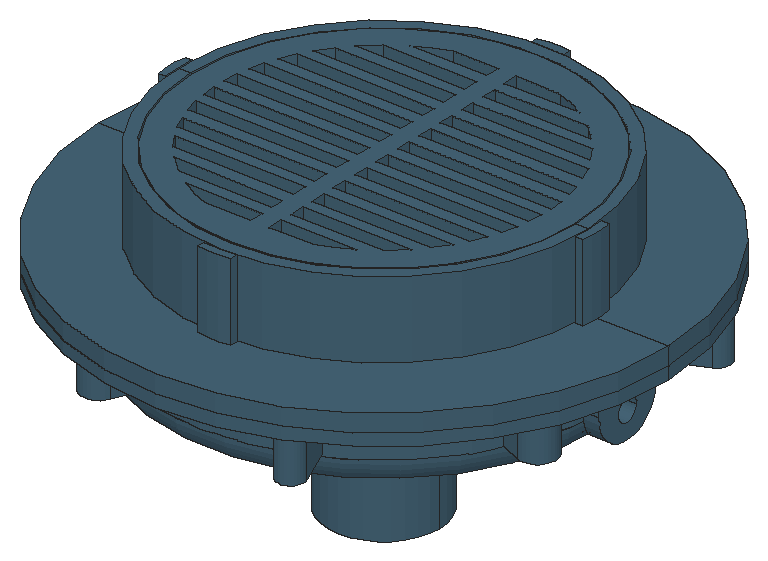
Revit family "Drain_Floor_Top_Diameter_9_Inch-Zurn-Z551-Medium-Duty", category Plumbing Fixtures, Revit 2022
Family settings
  Round Connector Dimension = Use Radius
  Part Type = Normal
  OmniClass Number = 23.45.55.21
  OmniClass Title = Drains (Wastes)
  Work Plane-Based = No
  Always vertical = Yes
  Cut with Voids When Loaded = No
  Maintain Annotation Orientation = No
  Shared = No
  Room Calculation Point = No
Parameters (values of type "Load Family Type Catalog")
  ZN-Grate = no
  Z-Grate = yes
  Width = 12.000"  # constant formula
  Waste Connection = 0 = 0  # yes
  WFU = 1  # constant formula
  Vent Connection = 0 = 1  # no
  URL = "www.zurn.com"
  Type Comments = "Z551-2 Inch-No Hub Outlet"
  Top Diameter Inner = 8.625"
  Top Diameter = 9.000"
  Product data url = "https://www.bimobject.com/en/zurnindustries/product/z551"
  Product Page URL = "https://www.zurn.com/products/drainage-interceptors/floor-drains/area-drains/z551"
  Product Documentation Link = "https://files.zurn.com/spec-sheets/z551.pdf"
  Pipe Size A (Nominal Diameter) = 2.000"
  Pipe Size A (Inner Diameter) = 2.067"
  Pipe Size A (Actual) = 2.375"
  P Trap Primer Connetor = 0.250"  # constant formula
  Outlet Connector Radius = 1.000"
  Modified Date = "11/21/2025"  # constant formula
  Model = "Z551"
  Manufacurer Brand = "Zurn"  # constant formula
  Manufacturer = "Zurn Water, LLC"  # constant formula
  Frame and Grate = Iron - Zurn -Cast - Painted - Blue
  Body Height (E) = 4.750"
  HWFU = 0  # constant formula
  HW Connection = 0 = 1  # no
  Grate Open Area Sq.in = 18.000"  # constant formula
  Description = "9 [229] DIAMETER TOP MEDIUM-DUTY DRAIN"  # constant formula
  Default Elevation = 25.000"  # constant formula
  Date Created = "03/15/2025"  # constant formula
  CWFU = 0  # constant formula
  Main Material = Iron - Zurn -Cast - Painted - Blue
  CW Connection = 0 = 1  # no
  Frame Dimension = 2.000"
  Assembly Code = "D2030300"
  Approx. Weight (Lbs) = 28.000"
Reference planes (in)
  plane 1 "Center (Front/Back)": y = 0
  plane 2: z = 0
  plane 3 "Center (Left/Right)": x = 0
  plane 4: x = -6
  plane 5: x = 6
  plane 6: z = -2
  plane 7: z = -6.75
  plane 8: x = -4.3125
  plane 9: x = 4.3125
  plane 10: y = 6
  plane 11: y = -6
  plane 12: z = -0.25
  plane 13: z = -0.625
  plane 14: z = -3.75
  plane 15: x = -1.1875
  plane 16: x = 1.1875
  plane 17: z = -2.25
  plane 18: y = 1.1875
  plane 19: y = -1.1875
  plane 20: y = 3.15457
  plane 21: y = 2.06367
  plane 22: y = 0.97277
  plane 23: y = -0.11812
  plane 24: y = -1.0773
  plane 25: y = -2.29992
  plane 26: x = 3.6875
  plane 27: z = -1.625
  plane 28: x = 4.0625
  plane 29: z = -3.5
  plane 30: x = 4.59357
  plane 31: x = 4.84357
  plane 32: x = 5.49819
  plane 33: x = 5.5
  plane 34: y = -0.75
  plane 35: y = 0.75
  plane 36: x = 5.125
  plane 37: through (-4.29444, 1.37228, 48) normal (-0.9205, 0.3907, 0)
  plane 38: through (-5.28581, 2.66065, 48) normal (0.3907, 0.9205, 0)
  plane 39: through (-7.11211, 2.6211, 48) normal (0.3907, 0.9205, 0)
  plane 40: through (-3.22178, -6.62754, 48) normal (-0.9205, 0.3907, 0)
  plane 41: through (-2.59701, -7.07513, 48) normal (-0.9205, 0.3907, 0)
  plane 42: y = 2.0923
  plane 43: x = -4.90659
  plane 44: through (3.94012, -2.20859, 48) normal (-0.9205, 0.3907, 0)
  plane 45: y = -2.06722
  plane 46: x = 4.89263
  plane 47: through (-2.3433, -3.89724, 48) normal (0.3737, 0.9276, 0)
  plane 48: x = -2.07654
  plane 49: y = -4.88926
  plane 50: through (1.33081, 4.31142, 48) normal (0.3907, 0.9205, 0)
  plane 51: x = 2.07497
  plane 52: y = 4.8911
  plane 53: z = -3.125
  plane 54: through (-3.05274, 6.47779, 48) normal (0.9205, 0.3907, 0)
  plane 55: through (-2.91505, 7.59302, 48) normal (0.9205, 0.3907, 0)
  plane 56: through (-6.63122, -2.50961, 48) normal (-0.3907, 0.9205, 0)
  plane 57: through (-6.04107, -2.87018, 48) normal (-0.3907, 0.9205, 0)
  plane 58: through (3.99057, 2.13171, 48) normal (0.9205, 0.3907, 0)
  plane 59: x = 5.23758
  plane 60: y = 2.22286
  plane 61: x = -5.23316
  plane 62: y = -2.22171
  plane 63: through (-4.28626, -1.41704, 48) normal (0.9205, 0.3907, 0)
  plane 64: through (-2.17374, 3.96939, 48) normal (-0.3907, 0.9205, 0)
  plane 65: x = -2.22007
  plane 66: y = 5.23594
  plane 67: through (1.42941, -4.27943, 48) normal (-0.3907, 0.9205, 0)
  plane 68: x = 2.2245
  plane 69: y = -5.2348
  plane 70: z = -3.7
  plane 71: x = -4.5
  plane 72: x = 4.5
  plane 73: y = 0.34375
  plane 74: y = -0.344
  plane 75: x = 1.32528
  plane 76: x = -3.1541
  plane 77: x = -0.344
  plane 78: x = 0.344
  plane 79: y = 4.5
  plane 80: y = -4.5
  plane 81: y = 4.3125
  plane 82: y = -4.3125
  plane 83: x = 3.1541
  plane 84: x = -1.32528
  plane 85: y = -1.32528
  plane 86: y = 3.1541
  plane 87: y = -3.1541
  plane 88: y = 1.32528
  plane 89: y = -3.18928
  plane 90: x = -1.97864
  plane 91: x = 1.97864
  plane 92: x = -1.0773
  plane 93: x = -0.11812
  plane 94: x = 0.98355
  plane 95: x = 3.22864
  plane 96: x = -3.22864
  plane 97: y = -0.25
  plane 98: y = 0.25
  plane 99: z = -2.875
  plane 100: z = -3.375
  plane 101: z = -2.95164
  plane 102: y = 4.5
  plane 103: y = -4.5
  plane 104: y = 3.68928
  plane 105: z = -3.15625
  plane 106: x = 4.24982
  plane 107: z = 0
  plane 108: x = -4.5
  plane 109: x = 4.5
Forms (in)
  Revolve 1, solid, material "Iron - Zurn -Cast - Painted - Blue" <- "Main Material", detail levels fine
    sketch origin (0, 0, 0) x (1, 0, 0) y (0, 0, 1)
      loop
        line (3.6875, -2) -> (6, -2) -> (6, -1.625) -> (4.3125, -1.625) -> (4.3125, 0) -> (4.0625, 0) -> (4.0625, -0.625) -> (3.6875, -0.625) -> (3.6875, -2)
      axis (0, 0) -> (0, -2)
    angle from 0 to 360
  Revolve 2, solid, material "Iron - Zurn -Cast - Painted - Blue" <- "Main Material", detail levels fine
    sketch origin (0, 0, 0) x (1, 0, 0) y (0, 0, 1)
      loop
        line (5.49819, -2) -> (4.59357, -2.25) -> (4.59357, -3.15625)
        arc (4.59357, -3.15625) -> (4.49289, -3.39932) -> (4.24982, -3.5) r 0.34375
        line (4.24982, -3.5) -> (0, -3.5) -> (0, -3.75) -> (4.24982, -3.75)
        arc (4.24982, -3.75) -> (4.66967, -3.57609) -> (4.84357, -3.15625) r 0.59375
        line (4.84357, -3.15625) -> (4.84357, -2.25) -> (6, -2.25) -> (6, -2) -> (5.49819, -2)
      axis (0, -2) -> (0, -3.75)
    angle from 0 to 360
  Extrusion 3, solid, material "Iron - Zurn -Cast - Painted - Blue" <- "Main Material", detail levels fine
    sketch origin (0, 0, 0) x (1, 0, 0) y (0, 1, 0)
      loop
        circle (0, 0) r 1.1875
    from -3.75 to -6.75
  Extrusion 4, void, detail levels fine
    sketch origin (0, 0, 0) x (0, 1, 0) y (1, 0, 0)
      loop
        circle (0, 0) r 1.0335
    from 3.75 to 6.75
  Extrusion 5, solid, material "Iron - Zurn -Cast - Painted - Blue" <- "Main Material", detail levels fine
    sketch origin (0, 0, 0) x (0, 1, 0) y (0, 0, 1)
      loop
        arc (-0.75, -2.95164) -> (0, -3.70164) -> (0.75, -2.95164) r 0.75
        line (0.75, -2.95164) -> (0.75, -2.25) -> (-0.75, -2.25) -> (-0.75, -2.95164)
      loop
        circle (0, -3.125) r 0.25
    from 3.75 to 5.125
  Extrusion 6, solid, material "Iron - Zurn -Cast - Painted - Blue" <- "Main Material", detail levels fine
    sketch origin (0, 0, 0) x (1, 0, 0) y (0, 1, 0)
      loop
        line (5.03916, -1.72203) -> (4.28291, -1.40103) -> (3.98986, -2.09141) -> (4.74611, -2.41241)
        arc (4.74611, -2.41241) -> (5.23782, -2.21375) -> (5.03916, -1.72203) r 0.375
      loop
        arc (-4.76007, 2.43749) -> (-5.25178, 2.23883) -> (-5.05312, 1.74711) r 0.375
        line (-5.05312, 1.74711) -> (-4.27546, 1.41701) -> (-3.98241, 2.10739) -> (-4.76007, 2.43749)
      loop
        line (1.72978, 5.03762) -> (1.40768, 4.27879) -> (2.09806, 3.98574) -> (2.42016, 4.74458)
        arc (2.42016, 4.74458) -> (2.2215, 5.23629) -> (1.72978, 5.03762) r 0.375
      loop
        arc (-2.42173, -4.74274) -> (-2.22307, -5.23445) -> (-1.73136, -5.03579) r 0.375
        line (-1.73136, -5.03579) -> (-1.40802, -4.27405) -> (-2.1038, -3.99373) -> (-2.42173, -4.74274)
    from -3.125 to -2.25
  Extrusion 7, solid, material "Iron - Zurn -Cast - Painted - Blue" <- "Main Material", detail levels fine
    sketch origin (0, 0, 0) x (1, 0, 0) y (0, 1, 0)
      loop
        line (5.12769, 2.48175) -> (4.03828, 2.01932) -> (4.25806, 1.50154) -> (5.34748, 1.96397)
        arc (5.34748, 1.96397) -> (5.49648, 2.33275) -> (5.12769, 2.48175) r 0.28125
      loop
        arc (-5.34305, -1.96282) -> (-5.49205, -2.3316) -> (-5.12327, -2.4806) r 0.28125
        line (-5.12327, -2.4806) -> (-4.03151, -2.01718) -> (-4.2513, -1.4994) -> (-5.34305, -1.96282)
      loop
        arc (-1.96785, 5.36155) -> (-2.33016, 5.49531) -> (-2.48563, 5.14176) r 0.28177
        line (-2.48563, 5.14176) -> (-2.01635, 4.0362) -> (-1.49856, 4.25599) -> (-1.96785, 5.36155)
      loop
        line (2.01612, -4.02408) -> (2.48611, -5.13131)
        arc (2.48611, -5.13131) -> (2.33442, -5.49377) -> (1.96832, -5.35109) r 0.28134
        line (1.96832, -5.35109) -> (1.5006, -4.24922) -> (2.01839, -4.02943)
    from -3.125 to -2.25
  Extrusion 8, solid, material "Iron - Zurn -Cast - Painted - Blue" <- "Main Material", detail levels fine
    sketch origin (0, 0, 0) x (1, 0, 0) y (0, 1, 0)
      loop
        arc (-4.45536, 0.34375) -> (-4.5, -0.00013) -> (-4.4553, -0.344) r 1.3459
        line (-4.4553, -0.344) -> (-4.31249, -0.344)
        arc (-4.31249, -0.344) -> (-4.32298, -0.00013) -> (-4.31251, 0.34375) r 5.64826
        line (-4.31251, 0.34375) -> (-4.45536, 0.34375)
      loop
        line (4.45536, 0.34375) -> (4.31251, 0.34375)
        arc (4.31251, 0.34375) -> (4.32298, -0.00013) -> (4.31249, -0.344) r 5.64826
        line (4.31249, -0.344) -> (4.4553, -0.344)
        arc (4.4553, -0.344) -> (4.5, -0.00013) -> (4.45536, 0.34375) r 1.3459
      loop
        line (-0.344, 4.4553) -> (-0.344, 4.31249)
        arc (-0.344, 4.31249) -> (0, 4.32298) -> (0.344, 4.31249) r 5.64826
        line (0.344, 4.31249) -> (0.344, 4.4553)
        arc (0.344, 4.4553) -> (0, 4.5) -> (-0.344, 4.4553) r 1.3459
      loop
        arc (-0.344, -4.4553) -> (0, -4.5) -> (0.344, -4.4553) r 1.3459
        line (0.344, -4.4553) -> (0.344, -4.31249)
        arc (0.344, -4.31249) -> (0, -4.32298) -> (-0.344, -4.31249) r 5.64826
        line (-0.344, -4.31249) -> (-0.344, -4.4553)
    from -1.625 to 0
Cuts and joins
  Extrusion 4 cuts Revolve 2
  Extrusion 4 cuts Extrusion 3
Lines and regions (in)
  Masking region 1, detail levels fine
    outline origin (0, 0, 0) x (1, 0, 0) y (0, 1, 0)
      loop
        circle (0, 0) r 6
  model lines, detail levels coarse+medium
    curve 1: circle (0, 0, 0) r 4.032 normal (0, 0, 1)
    curve 2: line (-4.03027, -0.11812, 0) -> (4.03027, -0.11812, 0)
    curve 3: line (-3.91289, 0.97277, 0) -> (3.91289, 0.97277, 0)
    curve 4: line (-3.46386, 2.06367, 0) -> (3.46386, 2.06367, 0)
    curve 5: line (-2.51112, 3.15457, 0) -> (2.51112, 3.15457, 0)
    curve 6: line (-3.84647, -1.20902, 0) -> (3.84647, -1.20902, 0)
    curve 7: line (-3.31171, -2.29992, 0) -> (3.31171, -2.29992, 0)
    curve 8: line (-2.18161, -3.39081, 0) -> (2.18161, -3.39081, 0)
    curve 9: line (0, 0, -3.125) -> (5.125, 0, -3.125)
    curve 10: line (5.125, 0, -2.875) -> (5.125, 0, -3.375)
    curve 11: line (5.125, -0.25, -3.125) -> (5.125, 0.25, -3.125)
    curve 12: line (0, 0, 0) -> (0, 0, -6.75)
    curve 13: line (-1.1875, 0, -6.75) -> (1.1875, 0, -6.75)
    curve 14: line (0, 1.1875, -6.75) -> (0, -1.1875, -6.75)
    curve 15: circle (0, 0, 0) r 4.5 normal (0, 0, 1)
Dimensions and locks (in)
  equal spacing: plane 5, plane 3 "Center (Left/Right)", plane 4
  "Frame Dimension": level to plane 6
  "Body Height (E)": plane 6 to plane 7
  level to plane 7 = 6.750"
  "Width": plane 5 to plane 4
  equal spacing: plane 9, plane 3 "Center (Left/Right)", plane 8
  plane 4 to plane 5 = 12.000"
  equal spacing: plane 10, plane 1 "Center (Front/Back)", plane 11
  plane 12 to plane 13 = 0.375"
  equal spacing: plane 16, plane 3 "Center (Left/Right)", plane 15
  "Pipe Size A (Actual)": plane 16 to plane 15
  "Width": plane 10 to plane 11
  locked: plane 6 to plane 17 at 0.25
  "Pipe Size A (Actual)": plane 18 to plane 19
  equal spacing: plane 18, plane 1 "Center (Front/Back)", plane 19
  locked: plane 27 to plane 6 at 0.375
  plane 29 to plane 14 = 0.250"
  plane 31 to plane 30 = 0.250"
  plane 5 to plane 33 = 0.500"
  locked: plane 17 to plane 14 at 1.5
  plane 14 to plane 7 = 3.000"
  plane 36 to plane 3 "Center (Left/Right)" = 5.125"
  plane 17 to plane 53 = 0.875"
  locked: plane 28 to plane 26 at 0.375
  plane 70 to plane 14 = 0.050"
  plane 9 to plane 28 = 0.250"
  locked: plane 28 to plane 3 "Center (Left/Right)" at 4.0625
  equal spacing: plane 72, plane 3 "Center (Left/Right)", plane 71
  plane 71 to plane 72 = 9.000"
  plane 8 to plane 9 = 8.625"
  plane 71 to plane 8 = 0.1875"
  plane 9 to plane 72 = 0.1875"
  plane 1 "Center (Front/Back)" to plane 74 = 0.344"
  plane 73 to plane 1 "Center (Front/Back)" = 0.34375"
  plane 77 to plane 3 "Center (Left/Right)" = 0.344"
  plane 3 "Center (Left/Right)" to plane 78 = 0.344"
  equal spacing: plane 79, plane 1 "Center (Front/Back)", plane 80
  equal spacing: plane 81, plane 1 "Center (Front/Back)", plane 82
  plane 97 to plane 1 "Center (Front/Back)" = 0.250"
  plane 1 "Center (Front/Back)" to plane 98 = 0.250"
  plane 99 to plane 53 = 0.250"
  plane 53 to plane 100 = 0.250"
  equal spacing: plane 102, plane 1 "Center (Front/Back)", plane 103
  "Top Diameter": plane 102 to plane 103
  plane 5 to plane 32 = 0.50181"
  plane 32 to plane 31 = 0.65461"
  plane 13 to plane 6 = 1.375"
  locked: plane 107 to plane 6 at 2
  plane 81 to plane 82 = 8.625"
  plane 79 to plane 80 = 9.000"
  plane 9 to plane 8 = 8.625"
  plane 72 to plane 71 = 9.000"
  equal spacing: plane 109, plane 3 "Center (Left/Right)", plane 108
  "Top Diameter": plane 109 to plane 108
  equal spacing: curve 8, curve 7, curve 6, curve 2, curve 3, curve 4, curve 5
  "Pipe Size A (Actual)": diameter of Extrusion 3 sketch curve
  "Pipe Size A (Inner Diameter)": diameter of Extrusion 4 sketch curve
  "Top Diameter": diameter of curve 15
  aligned and locked: plane 2 to level
  aligned and locked: plane 3 "Center (Left/Right)" to curve 1
  aligned and locked: plane 1 "Center (Front/Back)" to curve 1
  aligned and locked: plane 9 to Revolve 1 sketch curve
  aligned and locked: plane 13 to Revolve 1 sketch curve
  aligned and locked: Revolve 1 sketch curve to plane 26
  aligned and locked: Revolve 1 sketch curve to plane 6
  aligned and locked: plane 27 to Revolve 1 sketch curve
  aligned and locked: plane 5 to Revolve 1 sketch curve
  aligned and locked: Revolve 1 sketch curve to plane 28
  aligned and locked: Revolve 2 sketch curve to plane 14
  aligned and locked: plane 30 to Revolve 2 sketch curve  (x2)
  aligned and locked: plane 31 to Revolve 2 sketch curve  (x2)
  aligned and locked: Revolve 2 sketch curve to plane 5
  aligned and locked: plane 17 to Revolve 2 sketch curve  (x3)
  aligned and locked: plane 3 "Center (Left/Right)" to Revolve 2 sketch curve
  aligned and locked: plane 3 "Center (Left/Right)" to Extrusion 3 sketch curve
  aligned and locked: plane 1 "Center (Front/Back)" to Extrusion 3 sketch curve
  aligned and locked: Extrusion 3 to plane 7
  aligned and locked: plane 14 to Extrusion 3
  aligned and locked: plane 3 "Center (Left/Right)" to Extrusion 4 sketch curve
  aligned and locked: plane 1 "Center (Front/Back)" to Extrusion 4 sketch curve
  aligned and locked: plane 14 to Extrusion 4
  aligned and locked: Extrusion 4 to plane 7
  aligned and locked: plane 17 to Extrusion 5 sketch curve
  aligned and locked: plane 1 "Center (Front/Back)" to Extrusion 5 sketch curve  (x2)
  aligned and locked: plane 34 to Extrusion 5 sketch curve
  aligned and locked: plane 36 to Extrusion 5
  aligned and locked: plane 37 to Extrusion 6 sketch curve
  aligned and locked: plane 39 to Extrusion 6 sketch curve
  aligned and locked: plane 42 to Extrusion 6 sketch curve
  aligned and locked: plane 43 to Extrusion 6 sketch curve
  aligned and locked: plane 44 to Extrusion 6 sketch curve
  aligned and locked: plane 38 to Extrusion 6 sketch curve
  aligned and locked: plane 45 to Extrusion 6 sketch curve
  aligned and locked: plane 46 to Extrusion 6 sketch curve
  aligned and locked: plane 47 to Extrusion 6 sketch curve
  aligned and locked: plane 40 to Extrusion 6 sketch curve  (x2)
  aligned and locked: plane 48 to Extrusion 6 sketch curve
  aligned and locked: plane 49 to Extrusion 6 sketch curve
  aligned and locked: plane 50 to Extrusion 6 sketch curve
  aligned and locked: plane 51 to Extrusion 6 sketch curve
  aligned and locked: plane 52 to Extrusion 6 sketch curve
  aligned and locked: Extrusion 6 to plane 53
  aligned and locked: plane 17 to Extrusion 6
  aligned and locked: plane 58 to Extrusion 7 sketch curve
  aligned and locked: plane 56 to Extrusion 7 sketch curve
  aligned and locked: plane 60 to Extrusion 7 sketch curve
  aligned and locked: plane 59 to Extrusion 7 sketch curve
  aligned and locked: plane 61 to Extrusion 7 sketch curve
  aligned and locked: plane 62 to Extrusion 7 sketch curve
  aligned and locked: Extrusion 7 sketch curve to plane 56
  aligned and locked: Extrusion 7 sketch curve to plane 57
  aligned and locked: plane 63 to Extrusion 7 sketch curve
  aligned and locked: plane 64 to Extrusion 7 sketch curve
  aligned and locked: plane 55 to Extrusion 7 sketch curve
  aligned and locked: plane 54 to Extrusion 7 sketch curve  (x2)
  aligned and locked: plane 65 to Extrusion 7 sketch curve
  aligned and locked: plane 66 to Extrusion 7 sketch curve
  aligned and locked: Extrusion 7 sketch curve to plane 55
  aligned and locked: plane 67 to Extrusion 7 sketch curve
  aligned and locked: plane 69 to Extrusion 7 sketch curve
  aligned and locked: plane 68 to Extrusion 7 sketch curve
  aligned and locked: Extrusion 7 to Extrusion 6
  aligned and locked: plane 17 to Extrusion 7
  aligned and locked: Extrusion 8 sketch curve to plane 73
  aligned and locked: plane 74 to Extrusion 8 sketch curve
  aligned and locked: Extrusion 8 to plane 27
  aligned and locked: plane 75 to Extrusion 8 sketch curve
  aligned and locked: plane 1 "Center (Front/Back)" to Extrusion 8 sketch curve  (x4)
  aligned and locked: plane 76 to Extrusion 8 sketch curve
  aligned and locked: plane 73 to Extrusion 8 sketch curve
  aligned and locked: Extrusion 8 sketch curve to plane 74
  aligned and locked: plane 83 to Extrusion 8 sketch curve
  aligned and locked: plane 84 to Extrusion 8 sketch curve
  aligned and locked: Extrusion 8 sketch curve to plane 77
  aligned and locked: plane 78 to Extrusion 8 sketch curve
  aligned and locked: plane 85 to Extrusion 8 sketch curve
  aligned and locked: plane 3 "Center (Left/Right)" to Extrusion 8 sketch curve  (x4)
  aligned and locked: plane 86 to Extrusion 8 sketch curve
  aligned and locked: plane 77 to Extrusion 8 sketch curve
  aligned and locked: Extrusion 8 sketch curve to plane 78
  aligned and locked: plane 87 to Extrusion 8 sketch curve
  aligned and locked: plane 88 to Extrusion 8 sketch curve
  aligned and locked: plane 3 "Center (Left/Right)" to curve 9
  aligned and locked: plane 36 to curve 9
  aligned and locked: curve 9 to plane 53
  aligned and locked: plane 99 to curve 10
  aligned and locked: plane 100 to curve 10
  aligned and locked: curve 10 to plane 36
  aligned and locked: plane 53 to Extrusion 5 sketch curve
  aligned and locked: plane 101 to Extrusion 5 sketch curve
  aligned and locked: plane 97 to curve 11
  aligned and locked: plane 98 to curve 11
  aligned and locked: curve 11 to plane 53
  aligned and locked: level to curve 12
  aligned and locked: plane 7 to curve 12
  aligned and locked: curve 12 to plane 3 "Center (Left/Right)"
  aligned and locked: plane 15 to curve 13
  aligned and locked: plane 16 to curve 13
  aligned and locked: curve 13 to plane 7
  aligned and locked: plane 18 to curve 14
  aligned and locked: plane 19 to curve 14
  aligned and locked: curve 14 to plane 7
  aligned and locked: plane 3 "Center (Left/Right)" to Masking region 1 sketch curve
  aligned and locked: plane 1 "Center (Front/Back)" to Masking region 1 sketch curve
  aligned and locked: plane 1 "Center (Front/Back)" to curve 15
  aligned and locked: plane 6 to Revolve 2 sketch curve
  aligned and locked: plane 106 to Revolve 2 sketch curve
  aligned and locked: plane 105 to Revolve 2 sketch curve
  aligned and locked: plane 107 to Revolve 1
  aligned and locked: Extrusion 8 to Revolve 1
  aligned and locked: plane 1 "Center (Front/Back)" to nested 1
  aligned and locked: plane 3 "Center (Left/Right)" to nested 1
  aligned and locked: plane 1 "Center (Front/Back)" to nested 2
  aligned and locked: plane 3 "Center (Left/Right)" to nested 2
  aligned and locked: plane 21 to curve 4
  aligned and locked: plane 22 to curve 3
Automatic sketch dimensions
  Extrusion 6 sketch curve to plane 41 = 0.000"
  Extrusion 7 sketch curve to plane 66 = 0.09418"
  Extrusion 7 sketch curve to Extrusion 7 sketch curve = 0.25617"
  plane 8 to Extrusion 8 sketch curve = 0.00001"
  plane 71 to Extrusion 8 sketch curve = 0.0447"
  plane 82 to Extrusion 8 sketch curve = 0.00001"
  Extrusion 8 sketch curve to plane 81 = 0.00001"
  Extrusion 8 sketch curve to plane 9 = 0.00001"
  Extrusion 8 sketch curve to plane 72 = 0.0447"
  plane 80 to Extrusion 8 sketch curve = 0.0447"
  Extrusion 8 sketch curve to plane 79 = 0.0447"
  Extrusion 7 sketch curve to Extrusion 7 sketch curve = 0.00227"
  Revolve 1 sketch curve to plane 3 "Center (Left/Right)" = 0.000"
  Revolve 1 sketch curve to plane 7 = 0.250"
  level to Revolve 1 sketch curve = 1.500"
  Revolve 2 sketch curve to Revolve 2 sketch curve = 0.000"
  Revolve 2 sketch curve to plane 3 "Center (Left/Right)" = 0.000"
  Revolve 2 sketch curve to plane 32 = 0.000"
  Revolve 2 sketch curve to plane 7 = 0.60553"
  level to Revolve 2 sketch curve = 0.750"
  Revolve 2 sketch curve to plane 29 = 0.000"
  Revolve 1 sketch curve to level = 0.000"
  curve 1 to curve 15 = 0.000"
  curve 8 to plane 90 = 0.20297"
  radius of Extrusion 5 sketch curve = 0.250"
  radius of Masking region 1 sketch curve = 6.000"
Nested families (in)
  nested 1: "ZN-Grate" at (0, 0, 0), visible <- "ZN-Grate", Main Material <- "Frame and Grate", type "ZN-Grate", detail levels fine
    with Main Material Iron - Zurn -Cast - Painted - Blue
  nested 2: "Grate" at (0, 0, 0), visible <- "Z-Grate", Main Material <- "Frame and Grate", type "Grate", detail levels fine
    with Main Material Iron - Zurn -Cast - Painted - Blue
Connectors (in)
  piping at (0, 0, -6.75), diameter 2, driven by "Outlet Connector Radius", driven by "Waste Connection"
    settings: on cut or joined group of Extrusion 3, Extrusion 4, index 2, connector inside diameter 24", connector length 0.000", flow factor 0, pipe flow 0 GPM, pressure drop 0.00 psi, fitting loss kfactor 0, connector angle 0.00°, fixture units 0, engagement length 0.000", angle of deflection 0.00°, flow configuration 0, flow direction 2, fitting loss method 0, system type 16, joint type 0, gender type 0, connector reference index -1, connector utility 1, adjustable connector no, is connector primary yes, connector description "Outlet Connection"
  piping at (5.125, 0, -3.125), diameter 0.5, driven by "P Trap Primer Connetor", driven by "CW Connection"
    settings: on Extrusion 5, index 3, connector inside diameter 24", connector length 0.000", flow factor 0, pipe flow 0 GPM, pressure drop 0.00 psi, fitting loss kfactor 0, connector angle 0.00°, fixture units 0, engagement length 0.000", angle of deflection 0.00°, flow configuration 0, flow direction 1, fitting loss method 0, system type 20, joint type 0, gender type 0, connector reference index -1, connector utility 0, adjustable connector no, is connector primary no, connector description "Optional Trap Primer"
Definition of nested family "ZN-Grate"
  Parameters (values of type "ZN-Grate")
    URL = "www.zurn.com"
    Product data url = ""
    Product Page URL = ""
    Product Installation Sheet URL = ""
    Product Documentation Link = ""
    Modified Date = ""
    Manufacurer Brand = "Zurn"  # constant formula
    Manufacturer = "Zurn Water, LLC"  # constant formula
    Main Material [instance] = none
    Default Elevation = 0.000"
    Date Created = ""
    Approx. Weight (Lbs) = 0.000"
  Reference planes (in)
    plane 1 "Center (Front/Back)": y = 0
    plane 2: z = 0
    plane 3 "Center (Left/Right)": x = 0
    plane 4: x = -4.0315
    plane 5: x = 4.0315
    plane 6: y = 4.032
    plane 7: y = -4.032
    plane 8: z = -0.625
    plane 9: x = -4.6875
    plane 10: x = 4.6875
    plane 11: x = -4.875
    plane 12: x = 4.875
    plane 13: z = -0.188
  Forms (in)
    Extrusion 1, solid, material <- "Main Material"
      sketch origin (0, 0, 0) x (1, 0, 0) y (0, 1, 0)
        loop
          circle (0, 0) r 4.032
      from -0.625 to 0
    Extrusion 2, void
      sketch origin (0, 0, 0) x (1, 0, 0) y (0, 1, 0)
        loop
          arc (1.78246, 2.93666) -> (1.45805, 3.11076) -> (1.11688, 3.24916) r 3.4375
          line (1.11688, 3.24916) -> (0.1846, 3.24916) -> (0.1846, 2.93666) -> (1.78246, 2.93666)
        loop
          line (0.1846, 0.43666) -> (0.1846, 0.12416) -> (3.43233, 0.12416)
          arc (3.43233, 0.12416) -> (3.42305, 0.2807) -> (3.40665, 0.43666) r 3.4375
          line (3.40665, 0.43666) -> (0.1846, 0.43666)
        loop
          line (0.1846, 0.68666) -> (3.36515, 0.68666)
          arc (3.36515, 0.68666) -> (3.32921, 0.84384) -> (3.28593, 0.99916) r 3.4375
          line (3.28593, 0.99916) -> (0.1846, 0.99916) -> (0.1846, 0.68666)
        loop
          line (0.1846, 1.24916) -> (3.19928, 1.24916)
          arc (3.19928, 1.24916) -> (3.13302, 1.40716) -> (3.05897, 1.56166) r 3.4375
          line (3.05897, 1.56166) -> (0.1846, 1.56166) -> (0.1846, 1.24916)
        loop
          line (0.1846, 1.81166) -> (2.91793, 1.81166)
          arc (2.91793, 1.81166) -> (2.81286, 1.97095) -> (2.6991, 2.12416) r 3.4375
          line (2.6991, 2.12416) -> (0.1846, 2.12416) -> (0.1846, 1.81166)
        loop
          line (0.1846, 2.37416) -> (2.48222, 2.37416)
          arc (2.48222, 2.37416) -> (2.31658, 2.53617) -> (2.14041, 2.68666) r 3.4375
          line (2.14041, 2.68666) -> (0.1846, 2.68666) -> (0.1846, 2.37416)
        loop
          line (1.78246, -2.93834) -> (0.1846, -2.93834) -> (0.1846, -3.25084) -> (1.11688, -3.25084)
          arc (1.11688, -3.25084) -> (1.45805, -3.11244) -> (1.78246, -2.93834) r 3.4375
        loop
          line (0.1846, -0.43834) -> (3.40665, -0.43834)
          arc (3.40665, -0.43834) -> (3.42305, -0.28238) -> (3.43233, -0.12584) r 3.4375
          line (3.43233, -0.12584) -> (0.1846, -0.12584) -> (0.1846, -0.43834)
        loop
          line (0.1846, -0.68834) -> (0.1846, -1.00084) -> (3.28593, -1.00084)
          arc (3.28593, -1.00084) -> (3.32921, -0.84552) -> (3.36515, -0.68834) r 3.4375
          line (3.36515, -0.68834) -> (0.1846, -0.68834)
        loop
          line (0.1846, -1.25084) -> (0.1846, -1.56334) -> (3.05897, -1.56334)
          arc (3.05897, -1.56334) -> (3.13302, -1.40884) -> (3.19928, -1.25084) r 3.4375
          line (3.19928, -1.25084) -> (0.1846, -1.25084)
        loop
          line (0.1846, -1.81334) -> (0.1846, -2.12584) -> (2.6991, -2.12584)
          arc (2.6991, -2.12584) -> (2.81286, -1.97263) -> (2.91793, -1.81334) r 3.4375
          line (2.91793, -1.81334) -> (0.1846, -1.81334)
        loop
          line (0.1846, -2.37584) -> (0.1846, -2.68834) -> (2.14041, -2.68834)
          arc (2.14041, -2.68834) -> (2.31658, -2.53785) -> (2.48222, -2.37584) r 3.4375
          line (2.48222, -2.37584) -> (0.1846, -2.37584)
        loop
          line (-1.81975, 2.94791) -> (-0.1904, 2.94791) -> (-0.1904, 3.26575) -> (-1.15418, 3.26575)
          arc (-1.15418, 3.26575) -> (-1.49545, 3.1246) -> (-1.81975, 2.94791) r 3.46354
        loop
          line (-0.1904, 0.4385) -> (-3.44394, 0.4385)
          arc (-3.44394, 0.4385) -> (-3.46036, 0.28162) -> (-3.46962, 0.12416) r 3.46898
          line (-3.46962, 0.12416) -> (-0.1904, 0.12416) -> (-0.1904, 0.4385)
        loop
          line (-0.1904, 0.6885) -> (-0.1904, 1.00292) -> (-3.32323, 1.00292)
          arc (-3.32323, 1.00292) -> (-3.36651, 0.84664) -> (-3.40244, 0.6885) r 3.46874
          line (-3.40244, 0.6885) -> (-0.1904, 0.6885)
        loop
          line (-0.1904, 1.25292) -> (-0.1904, 1.56749) -> (-3.09626, 1.56749)
          arc (-3.09626, 1.56749) -> (-3.17032, 1.41195) -> (-3.23657, 1.25292) r 3.46822
          line (-3.23657, 1.25292) -> (-0.1904, 1.25292)
        loop
          line (-0.1904, 1.81749) -> (-0.1904, 2.13237) -> (-2.73639, 2.13237)
          arc (-2.73639, 2.13237) -> (-2.85017, 1.97795) -> (-2.95523, 1.81749) r 3.46736
          line (-2.95523, 1.81749) -> (-0.1904, 1.81749)
        loop
          line (-0.1904, 2.38237) -> (-0.1904, 2.69791) -> (-2.1777, 2.69791)
          arc (-2.1777, 2.69791) -> (-2.3539, 2.54588) -> (-2.51951, 2.38237) r 3.46598
          line (-2.51951, 2.38237) -> (-0.1904, 2.38237)
        loop
          arc (-1.81975, -2.94959) -> (-1.49545, -3.12628) -> (-1.15418, -3.26744) r 3.46354
          line (-1.15418, -3.26744) -> (-0.1904, -3.26744) -> (-0.1904, -2.94959) -> (-1.81975, -2.94959)
        loop
          line (-0.1904, -0.44019) -> (-0.1904, -0.12584) -> (-3.46962, -0.12584)
          arc (-3.46962, -0.12584) -> (-3.46036, -0.28331) -> (-3.44394, -0.44019) r 3.46898
          line (-3.44394, -0.44019) -> (-0.1904, -0.44019)
        loop
          line (-0.1904, -0.69019) -> (-3.40244, -0.69019)
          arc (-3.40244, -0.69019) -> (-3.36651, -0.84832) -> (-3.32323, -1.0046) r 3.46874
          line (-3.32323, -1.0046) -> (-0.1904, -1.0046) -> (-0.1904, -0.69019)
        loop
          line (-0.1904, -1.2546) -> (-3.23657, -1.2546)
          arc (-3.23657, -1.2546) -> (-3.17032, -1.41363) -> (-3.09626, -1.56917) r 3.46822
          line (-3.09626, -1.56917) -> (-0.1904, -1.56917) -> (-0.1904, -1.2546)
        loop
          line (-0.1904, -1.81917) -> (-2.95523, -1.81917)
          arc (-2.95523, -1.81917) -> (-2.85017, -1.97964) -> (-2.73639, -2.13405) r 3.46736
          line (-2.73639, -2.13405) -> (-0.1904, -2.13405) -> (-0.1904, -1.81917)
        loop
          line (-0.1904, -2.38405) -> (-2.51951, -2.38405)
          arc (-2.51951, -2.38405) -> (-2.3539, -2.54756) -> (-2.1777, -2.69959) r 3.46598
          line (-2.1777, -2.69959) -> (-0.1904, -2.69959) -> (-0.1904, -2.38405)
      from -0.625 to 0
    Revolve 3, solid, material <- "Main Material"
      sketch origin (0, 0, 0) x (1, 0, 0) y (0, 0, 1)
        loop
          line (4.0315, 0) -> (4.0315, -0.188) -> (4.6875, -0.188) -> (4.6875, -0.625) -> (4.875, -0.625) -> (4.875, 0) -> (4.0315, 0)
        axis (0, 0) -> (0, -0.625)
      angle from 0 to 360
  Cuts and joins
    Extrusion 2 cuts Extrusion 1
  Dimensions and locks (in)
    equal spacing: plane 4, plane 3 "Center (Left/Right)", plane 5
    equal spacing: plane 6, plane 1 "Center (Front/Back)", plane 7
    level to plane 8 = 0.625"
    equal spacing: plane 10, plane 3 "Center (Left/Right)", plane 9
    equal spacing: plane 12, plane 3 "Center (Left/Right)", plane 11
    plane 12 to plane 11 = 9.750"
    plane 10 to plane 9 = 9.375"
    level to plane 13 = 0.188"
    plane 5 to plane 4 = 8.063"
    plane 6 to plane 7 = 8.064"
    plane 4 to plane 3 "Center (Left/Right)" = 4.0315"
    aligned and locked: plane 2 to level
    aligned and locked: plane 3 "Center (Left/Right)" to Extrusion 1 sketch curve
    aligned and locked: plane 1 "Center (Front/Back)" to Extrusion 1 sketch curve
    aligned and locked: Extrusion 1 to plane 8
    aligned and locked: level to Extrusion 1
    aligned and locked: Extrusion 2 to plane 8
    aligned and locked: level to Extrusion 2
    aligned and locked: Revolve 3 sketch curve to level
    aligned and locked: plane 5 to Revolve 3 sketch curve
    aligned and locked: plane 13 to Revolve 3 sketch curve
    aligned and locked: plane 10 to Revolve 3 sketch curve
    aligned and locked: Revolve 3 sketch curve to plane 12
    aligned and locked: plane 8 to Revolve 3 sketch curve
  Automatic sketch dimensions
    Extrusion 2 sketch curve to Extrusion 2 sketch curve = 0.000"  (x554)
    Extrusion 2 sketch curve to plane 1 "Center (Front/Back)" = 0.12416"  (x2)
    plane 4 to Extrusion 2 sketch curve = 0.56188"
    Extrusion 2 sketch curve to Extrusion 2 sketch curve = 0.02568"  (x3)
    Extrusion 2 sketch curve to Extrusion 2 sketch curve = 0.0415"  (x4)
    Extrusion 2 sketch curve to Extrusion 2 sketch curve = 0.07922"  (x4)
    Extrusion 2 sketch curve to Extrusion 2 sketch curve = 0.08666"  (x4)
    Extrusion 2 sketch curve to Extrusion 2 sketch curve = 0.14031"  (x4)
    Extrusion 2 sketch curve to Extrusion 2 sketch curve = 0.14103"  (x4)
    Extrusion 2 sketch curve to Extrusion 2 sketch curve = 0.21883"  (x4)
    Extrusion 2 sketch curve to Extrusion 2 sketch curve = 0.21688"  (x4)
    Extrusion 2 sketch curve to Extrusion 2 sketch curve = 0.34181"  (x4)
    Extrusion 2 sketch curve to Extrusion 2 sketch curve = 0.35795"  (x4)
    Extrusion 2 sketch curve to Extrusion 2 sketch curve = 0.66558"  (x4)
    Extrusion 2 sketch curve to plane 3 "Center (Left/Right)" = 0.1904"  (x12)
    plane 1 "Center (Front/Back)" to Extrusion 2 sketch curve = 0.12584"  (x2)
    plane 1 "Center (Front/Back)" to Extrusion 2 sketch curve = 0.00084"
    Extrusion 2 sketch curve to plane 3 "Center (Left/Right)" = 0.0029"
    plane 3 "Center (Left/Right)" to Extrusion 2 sketch curve = 0.1846"  (x12)
    Extrusion 2 sketch curve to Extrusion 2 sketch curve = 0.93228"  (x2)
    Extrusion 2 sketch curve to Extrusion 2 sketch curve = 0.250"  (x20)
    Revolve 3 sketch curve to plane 3 "Center (Left/Right)" = 0.000"
    Revolve 3 sketch curve to plane 8 = 2.875"
    level to Revolve 3 sketch curve = 1.250"
    radius of Extrusion 1 sketch curve = 4.032"
Definition of nested family "Grate"
  Parameters (values of type "Grate")
    URL = "www.zurn.com"
    Product data url = ""
    Product Page URL = ""
    Product Installation Sheet URL = ""
    Product Documentation Link = ""
    Modified Date = ""
    Manufacurer Brand = "Zurn"  # constant formula
    Manufacturer = "Zurn Water, LLC"  # constant formula
    Main Material [instance] = none
    Default Elevation = 0.000"
    Date Created = ""
    Approx. Weight (Lbs) = 0.000"
  Reference planes (in)
    plane 1 "Center (Front/Back)": y = 0
    plane 2: z = 0
    plane 3 "Center (Left/Right)": x = 0
    plane 4: x = -4.0315
    plane 5: x = 4.0315
    plane 6: y = 4.0315
    plane 7: y = -4.0315
    plane 8: z = -0.625
  Forms (in)
    Extrusion 1, solid, material <- "Main Material"
      sketch origin (0, 0, 0) x (1, 0, 0) y (0, 1, 0)
        loop
          circle (0, 0) r 4.0315
      from -0.625 to 0
    Extrusion 2, void
      sketch origin (0, 0, 0) x (1, 0, 0) y (0, 1, 0)
        loop
          arc (1.78246, 2.93666) -> (1.45805, 3.11076) -> (1.11688, 3.24916) r 3.4375
          line (1.11688, 3.24916) -> (0.1846, 3.24916) -> (0.1846, 2.93666) -> (1.78246, 2.93666)
        loop
          line (0.1846, 0.43666) -> (0.1846, 0.12416) -> (3.43233, 0.12416)
          arc (3.43233, 0.12416) -> (3.42305, 0.2807) -> (3.40665, 0.43666) r 3.4375
          line (3.40665, 0.43666) -> (0.1846, 0.43666)
        loop
          line (0.1846, 0.68666) -> (3.36515, 0.68666)
          arc (3.36515, 0.68666) -> (3.32921, 0.84384) -> (3.28593, 0.99916) r 3.4375
          line (3.28593, 0.99916) -> (0.1846, 0.99916) -> (0.1846, 0.68666)
        loop
          line (0.1846, 1.24916) -> (3.19928, 1.24916)
          arc (3.19928, 1.24916) -> (3.13302, 1.40716) -> (3.05897, 1.56166) r 3.4375
          line (3.05897, 1.56166) -> (0.1846, 1.56166) -> (0.1846, 1.24916)
        loop
          line (0.1846, 1.81166) -> (2.91793, 1.81166)
          arc (2.91793, 1.81166) -> (2.81286, 1.97095) -> (2.6991, 2.12416) r 3.4375
          line (2.6991, 2.12416) -> (0.1846, 2.12416) -> (0.1846, 1.81166)
        loop
          line (0.1846, 2.37416) -> (2.48222, 2.37416)
          arc (2.48222, 2.37416) -> (2.31658, 2.53617) -> (2.14041, 2.68666) r 3.4375
          line (2.14041, 2.68666) -> (0.1846, 2.68666) -> (0.1846, 2.37416)
        loop
          line (1.78246, -2.93834) -> (0.1846, -2.93834) -> (0.1846, -3.25084) -> (1.11688, -3.25084)
          arc (1.11688, -3.25084) -> (1.45805, -3.11244) -> (1.78246, -2.93834) r 3.4375
        loop
          line (0.1846, -0.43834) -> (3.40665, -0.43834)
          arc (3.40665, -0.43834) -> (3.42305, -0.28238) -> (3.43233, -0.12584) r 3.4375
          line (3.43233, -0.12584) -> (0.1846, -0.12584) -> (0.1846, -0.43834)
        loop
          line (0.1846, -0.68834) -> (0.1846, -1.00084) -> (3.28593, -1.00084)
          arc (3.28593, -1.00084) -> (3.32921, -0.84552) -> (3.36515, -0.68834) r 3.4375
          line (3.36515, -0.68834) -> (0.1846, -0.68834)
        loop
          line (0.1846, -1.25084) -> (0.1846, -1.56334) -> (3.05897, -1.56334)
          arc (3.05897, -1.56334) -> (3.13302, -1.40884) -> (3.19928, -1.25084) r 3.4375
          line (3.19928, -1.25084) -> (0.1846, -1.25084)
        loop
          line (0.1846, -1.81334) -> (0.1846, -2.12584) -> (2.6991, -2.12584)
          arc (2.6991, -2.12584) -> (2.81286, -1.97263) -> (2.91793, -1.81334) r 3.4375
          line (2.91793, -1.81334) -> (0.1846, -1.81334)
        loop
          line (0.1846, -2.37584) -> (0.1846, -2.68834) -> (2.14041, -2.68834)
          arc (2.14041, -2.68834) -> (2.31658, -2.53785) -> (2.48222, -2.37584) r 3.4375
          line (2.48222, -2.37584) -> (0.1846, -2.37584)
        loop
          line (-1.81975, 2.94791) -> (-0.1904, 2.94791) -> (-0.1904, 3.26575) -> (-1.15418, 3.26575)
          arc (-1.15418, 3.26575) -> (-1.49545, 3.1246) -> (-1.81975, 2.94791) r 3.46354
        loop
          line (-0.1904, 0.4385) -> (-3.44394, 0.4385)
          arc (-3.44394, 0.4385) -> (-3.46036, 0.28162) -> (-3.46962, 0.12416) r 3.46898
          line (-3.46962, 0.12416) -> (-0.1904, 0.12416) -> (-0.1904, 0.4385)
        loop
          line (-0.1904, 0.6885) -> (-0.1904, 1.00292) -> (-3.32323, 1.00292)
          arc (-3.32323, 1.00292) -> (-3.36651, 0.84664) -> (-3.40244, 0.6885) r 3.46874
          line (-3.40244, 0.6885) -> (-0.1904, 0.6885)
        loop
          line (-0.1904, 1.25292) -> (-0.1904, 1.56749) -> (-3.09626, 1.56749)
          arc (-3.09626, 1.56749) -> (-3.17032, 1.41195) -> (-3.23657, 1.25292) r 3.46822
          line (-3.23657, 1.25292) -> (-0.1904, 1.25292)
        loop
          line (-0.1904, 1.81749) -> (-0.1904, 2.13237) -> (-2.73639, 2.13237)
          arc (-2.73639, 2.13237) -> (-2.85017, 1.97795) -> (-2.95523, 1.81749) r 3.46736
          line (-2.95523, 1.81749) -> (-0.1904, 1.81749)
        loop
          line (-0.1904, 2.38237) -> (-0.1904, 2.69791) -> (-2.1777, 2.69791)
          arc (-2.1777, 2.69791) -> (-2.3539, 2.54588) -> (-2.51951, 2.38237) r 3.46598
          line (-2.51951, 2.38237) -> (-0.1904, 2.38237)
        loop
          arc (-1.81975, -2.94959) -> (-1.49545, -3.12628) -> (-1.15418, -3.26744) r 3.46354
          line (-1.15418, -3.26744) -> (-0.1904, -3.26744) -> (-0.1904, -2.94959) -> (-1.81975, -2.94959)
        loop
          line (-0.1904, -0.44019) -> (-0.1904, -0.12584) -> (-3.46962, -0.12584)
          arc (-3.46962, -0.12584) -> (-3.46036, -0.28331) -> (-3.44394, -0.44019) r 3.46898
          line (-3.44394, -0.44019) -> (-0.1904, -0.44019)
        loop
          line (-0.1904, -0.69019) -> (-3.40244, -0.69019)
          arc (-3.40244, -0.69019) -> (-3.36651, -0.84832) -> (-3.32323, -1.0046) r 3.46874
          line (-3.32323, -1.0046) -> (-0.1904, -1.0046) -> (-0.1904, -0.69019)
        loop
          line (-0.1904, -1.2546) -> (-3.23657, -1.2546)
          arc (-3.23657, -1.2546) -> (-3.17032, -1.41363) -> (-3.09626, -1.56917) r 3.46822
          line (-3.09626, -1.56917) -> (-0.1904, -1.56917) -> (-0.1904, -1.2546)
        loop
          line (-0.1904, -1.81917) -> (-2.95523, -1.81917)
          arc (-2.95523, -1.81917) -> (-2.85017, -1.97964) -> (-2.73639, -2.13405) r 3.46736
          line (-2.73639, -2.13405) -> (-0.1904, -2.13405) -> (-0.1904, -1.81917)
        loop
          line (-0.1904, -2.38405) -> (-2.51951, -2.38405)
          arc (-2.51951, -2.38405) -> (-2.3539, -2.54756) -> (-2.1777, -2.69959) r 3.46598
          line (-2.1777, -2.69959) -> (-0.1904, -2.69959) -> (-0.1904, -2.38405)
      from -0.625 to 0
  Cuts and joins
    Extrusion 2 cuts Extrusion 1
  Dimensions and locks (in)
    equal spacing: plane 4, plane 3 "Center (Left/Right)", plane 5
    equal spacing: plane 6, plane 1 "Center (Front/Back)", plane 7
    level to plane 8 = 0.625"
    plane 5 to plane 4 = 8.063"
    plane 1 "Center (Front/Back)" to plane 7 = 4.0315"
    plane 6 to plane 7 = 8.063"
    plane 4 to plane 5 = 8.063"
    aligned and locked: plane 2 to level
    aligned and locked: plane 3 "Center (Left/Right)" to Extrusion 1 sketch curve
    aligned and locked: plane 1 "Center (Front/Back)" to Extrusion 1 sketch curve
    aligned and locked: Extrusion 1 to plane 8
    aligned and locked: level to Extrusion 1
    aligned and locked: Extrusion 2 to plane 8
    aligned and locked: level to Extrusion 2
  Automatic sketch dimensions
    Extrusion 2 sketch curve to Extrusion 2 sketch curve = 0.000"  (x554)
    Extrusion 2 sketch curve to plane 1 "Center (Front/Back)" = 0.12416"  (x2)
    plane 4 to Extrusion 2 sketch curve = 0.56188"
    Extrusion 2 sketch curve to Extrusion 2 sketch curve = 0.02568"  (x3)
    Extrusion 2 sketch curve to Extrusion 2 sketch curve = 0.0415"  (x4)
    Extrusion 2 sketch curve to Extrusion 2 sketch curve = 0.07922"  (x4)
    Extrusion 2 sketch curve to Extrusion 2 sketch curve = 0.08666"  (x4)
    Extrusion 2 sketch curve to Extrusion 2 sketch curve = 0.14031"  (x4)
    Extrusion 2 sketch curve to Extrusion 2 sketch curve = 0.14103"  (x4)
    Extrusion 2 sketch curve to Extrusion 2 sketch curve = 0.21883"  (x4)
    Extrusion 2 sketch curve to Extrusion 2 sketch curve = 0.21688"  (x4)
    Extrusion 2 sketch curve to Extrusion 2 sketch curve = 0.34181"  (x4)
    Extrusion 2 sketch curve to Extrusion 2 sketch curve = 0.35795"  (x4)
    Extrusion 2 sketch curve to Extrusion 2 sketch curve = 0.66558"  (x4)
    Extrusion 2 sketch curve to plane 3 "Center (Left/Right)" = 0.1904"  (x12)
    plane 1 "Center (Front/Back)" to Extrusion 2 sketch curve = 0.12584"  (x2)
    plane 1 "Center (Front/Back)" to Extrusion 2 sketch curve = 0.00084"
    Extrusion 2 sketch curve to plane 3 "Center (Left/Right)" = 0.0029"
    plane 3 "Center (Left/Right)" to Extrusion 2 sketch curve = 0.1846"  (x12)
    Extrusion 2 sketch curve to Extrusion 2 sketch curve = 0.93228"  (x2)
    Extrusion 2 sketch curve to Extrusion 2 sketch curve = 0.250"  (x20)
    radius of Extrusion 1 sketch curve = 4.0315"
Types in the file's own list only (33): name | ZN-Grate | Z-Grate | Width | Type Comments | Top Diameter Inner | Top Diameter | Pipe Size A (Nominal Diameter) | Pipe Size A (Inner Diameter) | Pipe Size A (Actual) | P Trap Primer Connetor | Outlet Connector Radius | Model | Frame and Grate | Body Height (E) | Grate Open Area Sq.in | Default Elevation | Frame Dimension | Approx. Weight (Lbs)
  Z551-2NH | No | Yes | 12.000 " | "Z551-2 Inch-No Hub Outlet" | 8.625 " | 9.000 " | 2.000 " | 2.067 " | 2.375 " | 0.250 " | 1.000 " | "Z551" | Iron - Zurn -Cast - Painted - Blue | 4.750 " | 18.000 " | 25.000 " | 2.000 " | 28.000 "
  Z551-2NL | No | Yes | 12.000 " | "Z551-2 Inch -Neo Loc Outlet" | 8.625 " | 9.000 " | 2.000 " | 2.067 " | 2.375 " | 0.250 " | 1.000 " | "Z551" | Iron - Zurn -Cast - Painted - Blue | 3.500 " | 18.000 " | 25.000 " | 2.000 " | 28.000 "
  Z551-3NH | No | Yes | 12.000 " | "Z551-3 Inch -No-Hub Outlet" | 8.625 " | 9.000 " | 3.000 " | 3.068 " | 3.500 " | 0.250 " | 1.500 " | "Z551" | Iron - Zurn -Cast - Painted - Blue | 4.750 " | 18.000 " | 25.000 " | 2.000 " | 28.000 "
  Z551-3NL | No | Yes | 12.000 " | "Z551-3 Inch -Neo-Loc Outlet" | 8.625 " | 9.000 " | 3.000 " | 3.068 " | 3.500 " | 0.250 " | 1.500 " | "Z551" | Iron - Zurn -Cast - Painted - Blue | 3.500 " | 18.000 " | 25.000 " | 2.000 " | 28.000 "
  Z551-3IC | No | Yes | 12.000 " | "Z551-3 Inch -Inside Caulk Outlet" | 8.625 " | 9.000 " | 3.000 " | 3.068 " | 3.500 " | 0.250 " | 1.500 " | "Z551" | Iron - Zurn -Cast - Painted - Blue | 3.750 " | 18.000 " | 25.000 " | 2.000 " | 28.000 "
  Z551-3IP | No | Yes | 12.000 " | "Z551-3 Inch -Threaded Outlet" | 8.625 " | 9.000 " | 3.000 " | 3.068 " | 3.500 " | 0.250 " | 1.500 " | "Z551" | Iron - Zurn -Cast - Painted - Blue | 2.750 " | 18.000 " | 25.000 " | 2.000 " | 28.000 "
  Z551-4IC | No | Yes | 12.000 " | "Z551-4 Inch -Inside Caulk Outlet" | 8.625 " | 9.000 " | 4.000 " | 4.026 " | 4.500 " | 0.250 " | 2.000 " | "Z551" | Iron - Zurn -Cast - Painted - Blue | 3.750 " | 18.000 " | 25.000 " | 2.000 " | 28.000 "
  Z551-4NH | No | Yes | 12.000 " | "Z551-4 Inch -No-Hub Outlet" | 8.625 " | 9.000 " | 4.000 " | 4.026 " | 4.500 " | 0.250 " | 2.000 " | "Z551" | Iron - Zurn -Cast - Painted - Blue | 4.750 " | 18.000 " | 25.000 " | 2.000 " | 28.000 "
  Z551-4IP | No | Yes | 12.000 " | "Z551-4 Inch -Threaded Outlet" | 8.625 " | 9.000 " | 4.000 " | 4.026 " | 4.500 " | 0.250 " | 2.000 " | "Z551" | Iron - Zurn -Cast - Painted - Blue | 2.750 " | 18.000 " | 25.000 " | 2.000 " | 28.000 "
  Z551-4NL | No | Yes | 12.000 " | "Z551-4 Inch -Neo-Loc Outlet" | 8.625 " | 9.000 " | 4.000 " | 4.026 " | 4.500 " | 0.250 " | 2.000 " | "Z551" | Iron - Zurn -Cast - Painted - Blue | 3.500 " | 18.000 " | 25.000 " | 2.000 " | 28.000 "
  Z551-6NH | No | Yes | 12.000 " | "Z551-6 Inch -No Hub Outlet" | 8.625 " | 9.000 " | 6.000 " | 6.065 " | 6.625 " | 0.250 " | 3.000 " | "Z551" | Iron - Zurn -Cast - Painted - Blue | 5.250 " | 18.000 " | 25.000 " | 2.000 " | 30.000 "
  ZB551-2NH | Yes | No | 12.000 " | "ZB551-2 Inch-No Hub Outlet" | 9.375 " | 9.750 " | 2.000 " | 2.067 " | 2.375 " | 0.250 " | 1.000 " | "ZB551" | Bronze - Zurn - Polished | 4.750 " | 18.000 " | 25.000 " | 2.188 " | 28.000 "
  ZB551-2NL | Yes | No | 12.000 " | "ZB551-2 Inch -Neo Loc Outlet" | 9.375 " | 9.750 " | 2.000 " | 2.067 " | 2.375 " | 0.250 " | 1.000 " | "ZB551" | Bronze - Zurn - Polished | 3.500 " | 18.000 " | 25.000 " | 2.188 " | 28.000 "
  ZB551-3NH | Yes | No | 12.000 " | "ZB551-3 Inch -No-Hub Outlet" | 9.375 " | 9.750 " | 3.000 " | 3.068 " | 3.500 " | 0.250 " | 1.500 " | "ZB551" | Bronze - Zurn - Polished | 4.750 " | 18.000 " | 25.000 " | 2.188 " | 28.000 "
  ZB551-3NL | Yes | No | 12.000 " | "ZB551-3 Inch -Neo-Loc Outlet" | 9.375 " | 9.750 " | 3.000 " | 3.068 " | 3.500 " | 0.250 " | 1.500 " | "ZB551" | Bronze - Zurn - Polished | 3.500 " | 18.000 " | 25.000 " | 2.188 " | 28.000 "
  ZB551-3IC | Yes | No | 12.000 " | "ZB551-3 Inch -Inside Caulk Outlet" | 9.375 " | 9.750 " | 3.000 " | 3.068 " | 3.500 " | 0.250 " | 1.500 " | "ZB551" | Bronze - Zurn - Polished | 3.750 " | 18.000 " | 25.000 " | 2.188 " | 28.000 "
  ZB551-3IP | Yes | No | 12.000 " | "ZB551-3 Inch -Threaded Outlet" | 9.375 " | 9.750 " | 3.000 " | 3.068 " | 3.500 " | 0.250 " | 1.500 " | "ZB551" | Bronze - Zurn - Polished | 2.750 " | 18.000 " | 25.000 " | 2.188 " | 28.000 "
  ZB551-4IC | Yes | No | 12.000 " | "ZB551-4 Inch -Inside Caulk Outlet" | 9.375 " | 9.750 " | 4.000 " | 4.026 " | 4.500 " | 0.250 " | 2.000 " | "ZB551" | Bronze - Zurn - Polished | 3.750 " | 18.000 " | 25.000 " | 2.188 " | 28.000 "
  ZB551-4NH | Yes | No | 12.000 " | "ZB551-4 Inch -No-Hub Outlet" | 9.375 " | 9.750 " | 4.000 " | 4.026 " | 4.500 " | 0.250 " | 2.000 " | "ZB551" | Bronze - Zurn - Polished | 4.750 " | 18.000 " | 25.000 " | 2.188 " | 28.000 "
  ZB551-4IP | Yes | No | 12.000 " | "ZB551-4 Inch -Threaded Outlet" | 9.375 " | 9.750 " | 4.000 " | 4.026 " | 4.500 " | 0.250 " | 2.000 " | "ZB551" | Bronze - Zurn - Polished | 2.750 " | 18.000 " | 25.000 " | 2.188 " | 28.000 "
  ZB551-4NL | Yes | No | 12.000 " | "ZB551-4 Inch -Neo-Loc Outlet" | 9.375 " | 9.750 " | 4.000 " | 4.026 " | 4.500 " | 0.250 " | 2.000 " | "ZB551" | Bronze - Zurn - Polished | 3.500 " | 18.000 " | 25.000 " | 2.188 " | 28.000 "
  ZB551-6NH | Yes | No | 12.000 " | "ZB551-6 Inch -No Hub Outlet" | 9.375 " | 9.750 " | 6.000 " | 6.065 " | 6.625 " | 0.250 " | 3.000 " | "ZB551" | Bronze - Zurn - Polished | 5.250 " | 18.000 " | 25.000 " | 2.188 " | 30.000 "
  ZN551-2NH | Yes | No | 12.000 " | "ZN551-2 Inch-No Hub Outlet" | 9.375 " | 9.750 " | 2.000 " | 2.067 " | 2.375 " | 0.250 " | 1.000 " | "ZN551" | Bronze - Zurn - Polished Nickel | 4.750 " | 18.000 " | 25.000 " | 2.188 " | 28.000 "
  ZN551-2NL | Yes | No | 12.000 " | "ZN551-2 Inch -Neo Loc Outlet" | 9.375 " | 9.750 " | 2.000 " | 2.067 " | 2.375 " | 0.250 " | 1.000 " | "ZN551" | Bronze - Zurn - Polished Nickel | 3.500 " | 18.000 " | 25.000 " | 2.188 " | 28.000 "
  ZN551-3NH | Yes | No | 12.000 " | "ZN551-3 Inch -No-Hub Outlet" | 9.375 " | 9.750 " | 3.000 " | 3.068 " | 3.500 " | 0.250 " | 1.500 " | "ZN551" | Bronze - Zurn - Polished Nickel | 4.750 " | 18.000 " | 25.000 " | 2.188 " | 28.000 "
  ZN551-3NL | Yes | No | 12.000 " | "ZN551-3 Inch -Neo-Loc Outlet" | 9.375 " | 9.750 " | 3.000 " | 3.068 " | 3.500 " | 0.250 " | 1.500 " | "ZN551" | Bronze - Zurn - Polished Nickel | 3.500 " | 18.000 " | 25.000 " | 2.188 " | 28.000 "
  ZN551-3IC | Yes | No | 12.000 " | "ZN551-3 Inch -Inside Caulk Outlet" | 9.375 " | 9.750 " | 3.000 " | 3.068 " | 3.500 " | 0.250 " | 1.500 " | "ZN551" | Bronze - Zurn - Polished Nickel | 3.750 " | 18.000 " | 25.000 " | 2.188 " | 28.000 "
  ZN551-3IP | Yes | No | 12.000 " | "ZN551-3 Inch -Threaded Outlet" | 9.375 " | 9.750 " | 3.000 " | 3.068 " | 3.500 " | 0.250 " | 1.500 " | "ZN551" | Bronze - Zurn - Polished Nickel | 2.750 " | 18.000 " | 25.000 " | 2.188 " | 28.000 "
  ZN551-4IC | Yes | No | 12.000 " | "ZN551-4 Inch -Inside Caulk Outlet" | 9.375 " | 9.750 " | 4.000 " | 4.026 " | 4.500 " | 0.250 " | 2.000 " | "ZN551" | Bronze - Zurn - Polished Nickel | 3.750 " | 18.000 " | 25.000 " | 2.188 " | 28.000 "
  ZN551-4NH | Yes | No | 12.000 " | "ZN551-4 Inch -No-Hub Outlet" | 9.375 " | 9.750 " | 4.000 " | 4.026 " | 4.500 " | 0.250 " | 2.000 " | "ZN551" | Bronze - Zurn - Polished Nickel | 4.750 " | 18.000 " | 25.000 " | 2.188 " | 28.000 "
  ZN551-4IP | Yes | No | 12.000 " | "ZN551-4 Inch -Threaded Outlet" | 9.375 " | 9.750 " | 4.000 " | 4.026 " | 4.500 " | 0.250 " | 2.000 " | "ZN551" | Bronze - Zurn - Polished Nickel | 2.750 " | 18.000 " | 25.000 " | 2.188 " | 28.000 "
  ZN551-4NL | Yes | No | 12.000 " | "ZN551-4 Inch -Neo-Loc Outlet" | 9.375 " | 9.750 " | 4.000 " | 4.026 " | 4.500 " | 0.250 " | 2.000 " | "ZN551" | Bronze - Zurn - Polished Nickel | 3.500 " | 18.000 " | 25.000 " | 2.188 " | 28.000 "
  ZN551-6NH | Yes | No | 12.000 " | "ZN551-6 Inch -No Hub Outlet" | 9.375 " | 9.750 " | 6.000 " | 6.065 " | 6.625 " | 0.250 " | 3.000 " | "ZN551" | Bronze - Zurn - Polished Nickel | 5.250 " | 18.000 " | 25.000 " | 2.188 " | 30.000 "
